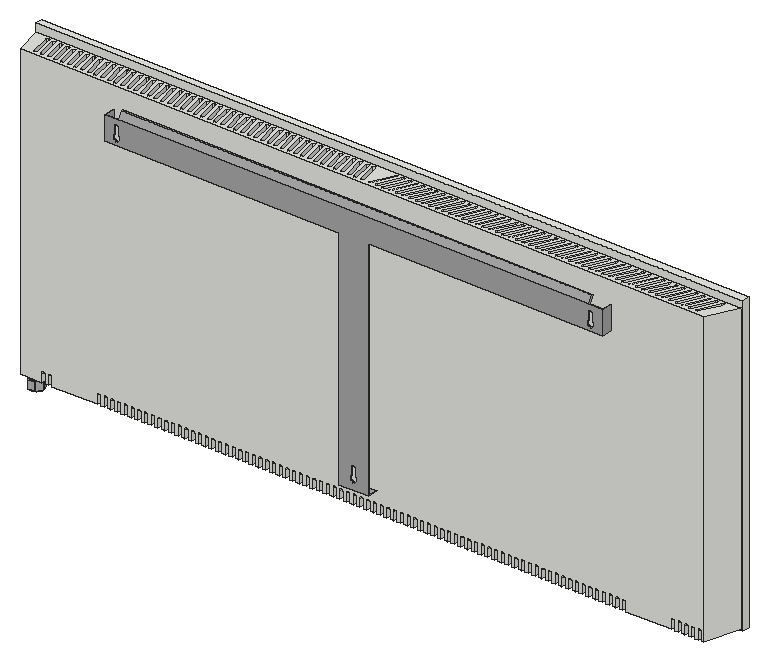
Revit family "Modern Plus", category Mechanical Equipment, host Wall, Revit 2020
Family settings
  Host = Wall
  Round Connector Dimension = Use Diameter
  Part Type = Normal
  OmniClass Number = 23.75.00.00
  OmniClass Title = Climate Control (HVAC)
  Always vertical = Yes
  Cut with Voids When Loaded = No
  Shared = No
  Room Calculation Point = No
Parameters (values of type "2000 W")
  boven 1500 = yes
  Watt = 2000 VA
  Voltage = 230 V
  URL = "https://masterwatt.nl/"
  Onder 1500 = no
  Model = "MDN 2000 PLUS"
  Manufacturer = "Masterwatt B.V."
  Default Elevation = 0 mm
  Copyright = "Masterwatt B.V."  # constant formula
  Art. No. = "429 754 216"
Reference planes
  plane 1 "Wall": y = 0
  plane 2 "Center (Left/Right)": x = 0
  plane 3 "Back": y = 75
Text (mm)
  text "Placement side" at (-1820.995, 1116.779, 0), in view "Ref. Level"
  text "Placement side" at (0, 1334.055, 2976.191), in view "Left"
  text "Placement side" at (0, 439.194, 2944.362), in view "Right"
Dimensions and locks
  locked: plane 3 "Back" to host wall
  aligned and locked: plane 1 "Wall" to host wall
  aligned and locked: plane 3 "Back" to nested 1
  aligned and locked: plane 3 "Back" to nested 2
Nested families
  nested 1: "MDN 750 PLUS" at (0, 125.5, 0) x (-1, 0, 0) z (0, 0, 1), visible <- "Onder 1500", type "MDN 750 PLUS"
  nested 2: "MDN 1500 PLUS" at (0, 125.5, 0) x (-1, 0, 0) z (0, 0, 1), visible <- "boven 1500", type "MDN 1500 PLUS"
Connectors
  electrical at (-345, 105, -14), driven by "Voltage", driven by "Watt"
    settings: on nested 1, index 1, voltage 230 V, apparent load 2000 VA, apparent load phase1 0 VA, apparent load phase2 0 VA, apparent load phase3 0 VA, power factor 1, load classification "Other", number of poles 1, system type 30, power factor state 1, is connector primary yes, connector utility no, sub classification motor no, connector description ""
Definition of nested family "MDN 750 PLUS"
  Parameters (values of type "MDN 750 PLUS")
    Zwart = none
    Voltage = 230 V
    URL = "https://masterwatt.nl/"
    Power (default) = 750 VA
    Phase = 1
    Model = "MDN 750 PLUS"
    Manufacturer = "Masterwatt B.V."
    Default Elevation = 0 mm
    Copyright = "Masterwatt B.V."  # constant formula
    Colour = none
    Scherm = none
    Beugel = none
    Licht grijs = none
    Diepte = 71 mm
    Hoogte = 440 mm
    Breedte = 750 mm
    Art. No. = "429 754 211"
  Reference planes
    plane 1 "Center (Front/Back)": y = 0
    plane 2: z = 0
    plane 3 "Center (Left/Right)": x = 0
    plane 4: x = 375
    plane 5: x = -375
    plane 6: z = 440
    plane 7: y = 35.5
    plane 8: y = -35.5
    plane 9: z = 402
    plane 10: z = 412
    plane 11: x = -222
    plane 12: x = 222
    plane 13: z = 32
    plane 14: x = -201
    plane 15: x = 201
    plane 16: z = 367
    plane 17: x = -22
    plane 18: x = 22
  Forms (mm)
    Extrusion 1, solid, material <- "Colour"
      sketch origin (0, 0, 0) x (1, 0, 0) y (0, 0, 1)
        loop
          line (-375, 440) -> (-375, 0) -> (375, 0) -> (375, 440) -> (-375, 440)
      from 15.5 to 35.5
    Sweep 2, void
      path in 3D
        loop
          line (-375, -35.5, 440) -> (-375, -35.5, 0) -> (375, -35.5, 0) -> (375, -35.5, 440) -> (-375, -35.5, 440)
      profile origin (0, -35.5, 440) x (0, -1, 0) y (0, 0, 1)
        loop
          line (0, 0) -> (-10, 0) -> (0, -10) -> (0, 0)
    Blend 3, void
      base sketch origin (0, 0, 0) x (1, 0, 0) y (0, 0, 1)
        loop
          line (314, 278) -> (314, 62) -> (315, 62) -> (315, 278) -> (314, 278)
      top sketch origin (0, 0, 0) x (1, 0, 0) y (0, 0, 1)
        loop
          arc (312, 280) -> (311.293, 279.707) -> (311, 279) r 1
          line (311, 279) -> (311, 61)
          arc (311, 61) -> (311.293, 60.293) -> (312, 60) r 1
          line (312, 60) -> (317, 60)
          arc (317, 60) -> (317.707, 60.293) -> (318, 61) r 1
          line (318, 61) -> (318, 279)
          arc (318, 279) -> (317.707, 279.707) -> (317, 280) r 1
          line (317, 280) -> (312, 280)
      from 34 to 36
    Blend 4, void
      base sketch origin (-629, 0, 0) x (1, 0, 0) y (0, 0, 1)
        loop
          line (314, 388) -> (314, 62) -> (315, 62) -> (315, 388) -> (314, 388)
      top sketch origin (-629, 0, 0) x (1, 0, 0) y (0, 0, 1)
        loop
          arc (312, 390) -> (311.293, 389.707) -> (311, 389) r 1
          line (311, 389) -> (311, 61)
          arc (311, 61) -> (311.293, 60.293) -> (312, 60) r 1
          line (312, 60) -> (317, 60)
          arc (317, 60) -> (317.707, 60.293) -> (318, 61) r 1
          line (318, 61) -> (318, 389)
          arc (318, 389) -> (317.707, 389.707) -> (317, 390) r 1
          line (317, 390) -> (312, 390)
      from 34 to 36
    Blend 5, void
      base sketch origin (-420, 0, 0) x (1, 0, 0) y (0, 0, 1)
        loop
          line (314, 388) -> (314, 62) -> (315, 62) -> (315, 388) -> (314, 388)
      top sketch origin (-420, 0, 0) x (1, 0, 0) y (0, 0, 1)
        loop
          arc (312, 390) -> (311.293, 389.707) -> (311, 389) r 1
          line (311, 389) -> (311, 61)
          arc (311, 61) -> (311.293, 60.293) -> (312, 60) r 1
          line (312, 60) -> (317, 60)
          arc (317, 60) -> (317.707, 60.293) -> (318, 61) r 1
          line (318, 61) -> (318, 389)
          arc (318, 389) -> (317.707, 389.707) -> (317, 390) r 1
          line (317, 390) -> (312, 390)
      from 34 to 36
    Blend 6, void
      base sketch origin (-209, 0, 0) x (1, 0, 0) y (0, 0, 1)
        loop
          line (314, 388) -> (314, 62) -> (315, 62) -> (315, 388) -> (314, 388)
      top sketch origin (-209, 0, 0) x (1, 0, 0) y (0, 0, 1)
        loop
          arc (312, 390) -> (311.293, 389.707) -> (311, 389) r 1
          line (311, 389) -> (311, 61)
          arc (311, 61) -> (311.293, 60.293) -> (312, 60) r 1
          line (312, 60) -> (317, 60)
          arc (317, 60) -> (317.707, 60.293) -> (318, 61) r 1
          line (318, 61) -> (318, 389)
          arc (318, 389) -> (317.707, 389.707) -> (317, 390) r 1
          line (317, 390) -> (312, 390)
      from 34 to 36
    Extrusion 7, void
      sketch origin (0, 0, 0) x (1, 0, 0) y (0, 0, 1)
        loop
          line (295, 376) -> (295, 336) -> (335, 336) -> (335, 376) -> (295, 376)
      from 31.5 to 35.5
    Extrusion 8, solid, material <- "Scherm"
      sketch origin (0, 0, 0) x (1, 0, 0) y (0, 0, 1)
        loop
          line (295, 376) -> (295, 336) -> (335, 336) -> (335, 376) -> (295, 376)
      from 31.5 to 35.5
    Extrusion 9, solid, material <- "Licht grijs"
      sketch origin (0, 0, 0) x (1, 0, 0) y (0, 0, 1)
        loop
          arc (297.5, 321.5) -> (295, 319) -> (297.5, 316.5) r 2.5
          line (297.5, 316.5) -> (311, 316.5)
          arc (311, 316.5) -> (313.5, 319) -> (311, 321.5) r 2.5
          line (311, 321.5) -> (297.5, 321.5)
        loop
          arc (319, 321.5) -> (316.5, 319) -> (319, 316.5) r 2.5
          line (319, 316.5) -> (332.5, 316.5)
          arc (332.5, 316.5) -> (335, 319) -> (332.5, 321.5) r 2.5
          line (332.5, 321.5) -> (319, 321.5)
        loop
          arc (297.5, 330) -> (295, 327.5) -> (297.5, 325) r 2.5
          line (297.5, 325) -> (300.3, 325)
          arc (300.3, 325) -> (302.8, 327.5) -> (300.3, 330) r 2.5
          line (300.3, 330) -> (297.5, 330)
        loop
          arc (319, 330) -> (316.5, 327.5) -> (319, 325) r 2.5
          line (319, 325) -> (321.8, 325)
          arc (321.8, 325) -> (324.3, 327.5) -> (321.8, 330) r 2.5
          line (321.8, 330) -> (319, 330)
        loop
          arc (329.7, 330) -> (327.2, 327.5) -> (329.7, 325) r 2.5
          line (329.7, 325) -> (332.5, 325)
          arc (332.5, 325) -> (335, 327.5) -> (332.5, 330) r 2.5
          line (332.5, 330) -> (329.7, 330)
        loop
          arc (308.2, 330) -> (305.7, 327.5) -> (308.2, 325) r 2.5
          line (308.2, 325) -> (311, 325)
          arc (311, 325) -> (313.5, 327.5) -> (311, 330) r 2.5
          line (311, 330) -> (308.2, 330)
      from 35.5 to 39.5
    Extrusion 10, solid
      sketch origin (0, 0, 0) x (0, 1, 0) y (0, 0, 1)
        loop
          line (-25.5, 2) -> (35.5, 2) -> (35.5, 434) -> (-25.5, 428.02) -> (-25.5, 2)
      from -373 to 373
    Extrusion 11, void
      sketch origin (0, 0, 0) x (1, 0, 0) y (0, 1, 0)
        loop
          line (373, -15.5) -> (373, 35.5) -> (357.408, 35.5) -> (373, -15.5)
      from 2 to 440
    Extrusion 12, void
      sketch origin (0, 0, 0) x (-1, 0, 0) y (0, -1, 0)
        loop
          line (373, 15.5) -> (357.408, -35.5) -> (373, -35.5) -> (373, 15.5)
      from 2 to 440
    Extrusion 13, void
      sketch origin (0, 0, 0) x (1, 0, 0) y (0, 1, 0)
        loop
          arc (350.43, -7.84) -> (353.551, -9.5) -> (355.211, -6.378) r 2.5
          line (355.211, -6.378) -> (344.978, 27.092)
          arc (344.978, 27.092) -> (341.857, 28.752) -> (340.197, 25.63) r 2.5
          line (340.197, 25.63) -> (350.43, -7.84)
        loop
          arc (340.53, -7.84) -> (343.651, -9.5) -> (345.311, -6.378) r 2.5
          line (345.311, -6.378) -> (335.078, 27.092)
          arc (335.078, 27.092) -> (331.957, 28.752) -> (330.297, 25.63) r 2.5
          line (330.297, 25.63) -> (340.53, -7.84)
        loop
          arc (330.63, -7.84) -> (333.751, -9.5) -> (335.411, -6.378) r 2.5
          line (335.411, -6.378) -> (325.178, 27.092)
          arc (325.178, 27.092) -> (322.057, 28.752) -> (320.397, 25.63) r 2.5
          line (320.397, 25.63) -> (330.63, -7.84)
        loop
          arc (320.73, -7.84) -> (323.851, -9.5) -> (325.511, -6.378) r 2.5
          line (325.511, -6.378) -> (315.278, 27.092)
          arc (315.278, 27.092) -> (312.157, 28.752) -> (310.497, 25.63) r 2.5
          line (310.497, 25.63) -> (320.73, -7.84)
        loop
          arc (310.83, -7.84) -> (313.951, -9.5) -> (315.611, -6.378) r 2.5
          line (315.611, -6.378) -> (305.378, 27.092)
          arc (305.378, 27.092) -> (302.257, 28.752) -> (300.597, 25.63) r 2.5
          line (300.597, 25.63) -> (310.83, -7.84)
        loop
          arc (300.93, -7.84) -> (304.051, -9.5) -> (305.711, -6.378) r 2.5
          line (305.711, -6.378) -> (295.478, 27.092)
          arc (295.478, 27.092) -> (292.357, 28.752) -> (290.697, 25.63) r 2.5
          line (290.697, 25.63) -> (300.93, -7.84)
        loop
          arc (291.03, -7.84) -> (294.151, -9.5) -> (295.811, -6.378) r 2.5
          line (295.811, -6.378) -> (285.578, 27.092)
          arc (285.578, 27.092) -> (282.457, 28.752) -> (280.797, 25.63) r 2.5
          line (280.797, 25.63) -> (291.03, -7.84)
        loop
          arc (281.13, -7.84) -> (284.251, -9.5) -> (285.911, -6.378) r 2.5
          line (285.911, -6.378) -> (275.678, 27.092)
          arc (275.678, 27.092) -> (272.557, 28.752) -> (270.897, 25.63) r 2.5
          line (270.897, 25.63) -> (281.13, -7.84)
        loop
          arc (271.23, -7.84) -> (274.351, -9.5) -> (276.011, -6.378) r 2.5
          line (276.011, -6.378) -> (265.778, 27.092)
          arc (265.778, 27.092) -> (262.657, 28.752) -> (260.997, 25.63) r 2.5
          line (260.997, 25.63) -> (271.23, -7.84)
        loop
          arc (261.33, -7.84) -> (264.451, -9.5) -> (266.111, -6.378) r 2.5
          line (266.111, -6.378) -> (255.878, 27.092)
          arc (255.878, 27.092) -> (252.757, 28.752) -> (251.097, 25.63) r 2.5
          line (251.097, 25.63) -> (261.33, -7.84)
        loop
          arc (251.43, -7.84) -> (254.551, -9.5) -> (256.211, -6.378) r 2.5
          line (256.211, -6.378) -> (245.978, 27.092)
          arc (245.978, 27.092) -> (242.857, 28.752) -> (241.197, 25.63) r 2.5
          line (241.197, 25.63) -> (251.43, -7.84)
        loop
          arc (241.53, -7.84) -> (244.651, -9.5) -> (246.311, -6.378) r 2.5
          line (246.311, -6.378) -> (236.078, 27.092)
          arc (236.078, 27.092) -> (232.957, 28.752) -> (231.297, 25.63) r 2.5
          line (231.297, 25.63) -> (241.53, -7.84)
        loop
          arc (231.63, -7.84) -> (234.751, -9.5) -> (236.411, -6.378) r 2.5
          line (236.411, -6.378) -> (226.178, 27.092)
          arc (226.178, 27.092) -> (223.057, 28.752) -> (221.397, 25.63) r 2.5
          line (221.397, 25.63) -> (231.63, -7.84)
        loop
          arc (221.73, -7.84) -> (224.851, -9.5) -> (226.511, -6.378) r 2.5
          line (226.511, -6.378) -> (216.278, 27.092)
          arc (216.278, 27.092) -> (213.157, 28.752) -> (211.497, 25.63) r 2.5
          line (211.497, 25.63) -> (221.73, -7.84)
        loop
          arc (211.83, -7.84) -> (214.951, -9.5) -> (216.611, -6.378) r 2.5
          line (216.611, -6.378) -> (206.378, 27.092)
          arc (206.378, 27.092) -> (203.257, 28.752) -> (201.597, 25.63) r 2.5
          line (201.597, 25.63) -> (211.83, -7.84)
        loop
          arc (201.93, -7.84) -> (205.051, -9.5) -> (206.711, -6.378) r 2.5
          line (206.711, -6.378) -> (196.478, 27.092)
          arc (196.478, 27.092) -> (193.357, 28.752) -> (191.697, 25.63) r 2.5
          line (191.697, 25.63) -> (201.93, -7.84)
        loop
          arc (192.03, -7.84) -> (195.151, -9.5) -> (196.811, -6.378) r 2.5
          line (196.811, -6.378) -> (186.578, 27.092)
          arc (186.578, 27.092) -> (183.457, 28.752) -> (181.797, 25.63) r 2.5
          line (181.797, 25.63) -> (192.03, -7.84)
        loop
          arc (182.13, -7.84) -> (185.251, -9.5) -> (186.911, -6.378) r 2.5
          line (186.911, -6.378) -> (176.678, 27.092)
          arc (176.678, 27.092) -> (173.557, 28.752) -> (171.897, 25.63) r 2.5
          line (171.897, 25.63) -> (182.13, -7.84)
        loop
          arc (172.23, -7.84) -> (175.351, -9.5) -> (177.011, -6.378) r 2.5
          line (177.011, -6.378) -> (166.778, 27.092)
          arc (166.778, 27.092) -> (163.657, 28.752) -> (161.997, 25.63) r 2.5
          line (161.997, 25.63) -> (172.23, -7.84)
        loop
          arc (162.33, -7.84) -> (165.451, -9.5) -> (167.111, -6.378) r 2.5
          line (167.111, -6.378) -> (156.878, 27.092)
          arc (156.878, 27.092) -> (153.757, 28.752) -> (152.097, 25.63) r 2.5
          line (152.097, 25.63) -> (162.33, -7.84)
        loop
          arc (152.43, -7.84) -> (155.551, -9.5) -> (157.211, -6.378) r 2.5
          line (157.211, -6.378) -> (146.978, 27.092)
          arc (146.978, 27.092) -> (143.857, 28.752) -> (142.197, 25.63) r 2.5
          line (142.197, 25.63) -> (152.43, -7.84)
        loop
          arc (142.53, -7.84) -> (145.651, -9.5) -> (147.311, -6.378) r 2.5
          line (147.311, -6.378) -> (137.078, 27.092)
          arc (137.078, 27.092) -> (133.957, 28.752) -> (132.297, 25.63) r 2.5
          line (132.297, 25.63) -> (142.53, -7.84)
        loop
          arc (132.63, -7.84) -> (135.751, -9.5) -> (137.411, -6.378) r 2.5
          line (137.411, -6.378) -> (127.178, 27.092)
          arc (127.178, 27.092) -> (124.057, 28.752) -> (122.397, 25.63) r 2.5
          line (122.397, 25.63) -> (132.63, -7.84)
        loop
          arc (122.73, -7.84) -> (125.851, -9.5) -> (127.511, -6.378) r 2.5
          line (127.511, -6.378) -> (117.278, 27.092)
          arc (117.278, 27.092) -> (114.157, 28.752) -> (112.497, 25.63) r 2.5
          line (112.497, 25.63) -> (122.73, -7.84)
        loop
          arc (112.83, -7.84) -> (115.951, -9.5) -> (117.611, -6.378) r 2.5
          line (117.611, -6.378) -> (107.378, 27.092)
          arc (107.378, 27.092) -> (104.257, 28.752) -> (102.597, 25.63) r 2.5
          line (102.597, 25.63) -> (112.83, -7.84)
        loop
          arc (102.93, -7.84) -> (106.051, -9.5) -> (107.711, -6.378) r 2.5
          line (107.711, -6.378) -> (97.478, 27.092)
          arc (97.478, 27.092) -> (94.357, 28.752) -> (92.697, 25.63) r 2.5
          line (92.697, 25.63) -> (102.93, -7.84)
        loop
          arc (93.03, -7.84) -> (96.151, -9.5) -> (97.811, -6.378) r 2.5
          line (97.811, -6.378) -> (87.578, 27.092)
          arc (87.578, 27.092) -> (84.457, 28.752) -> (82.797, 25.63) r 2.5
          line (82.797, 25.63) -> (93.03, -7.84)
        loop
          arc (83.13, -7.84) -> (86.251, -9.5) -> (87.911, -6.378) r 2.5
          line (87.911, -6.378) -> (77.678, 27.092)
          arc (77.678, 27.092) -> (74.557, 28.752) -> (72.897, 25.63) r 2.5
          line (72.897, 25.63) -> (83.13, -7.84)
        loop
          arc (73.23, -7.84) -> (76.351, -9.5) -> (78.011, -6.378) r 2.5
          line (78.011, -6.378) -> (67.778, 27.092)
          arc (67.778, 27.092) -> (64.657, 28.752) -> (62.997, 25.63) r 2.5
          line (62.997, 25.63) -> (73.23, -7.84)
        loop
          arc (63.33, -7.84) -> (66.451, -9.5) -> (68.111, -6.378) r 2.5
          line (68.111, -6.378) -> (57.878, 27.092)
          arc (57.878, 27.092) -> (54.757, 28.752) -> (53.097, 25.63) r 2.5
          line (53.097, 25.63) -> (63.33, -7.84)
        loop
          arc (53.43, -7.84) -> (56.551, -9.5) -> (58.211, -6.378) r 2.5
          line (58.211, -6.378) -> (47.978, 27.092)
          arc (47.978, 27.092) -> (44.857, 28.752) -> (43.197, 25.63) r 2.5
          line (43.197, 25.63) -> (53.43, -7.84)
        loop
          arc (43.53, -7.84) -> (46.651, -9.5) -> (48.311, -6.378) r 2.5
          line (48.311, -6.378) -> (38.078, 27.092)
          arc (38.078, 27.092) -> (34.957, 28.752) -> (33.297, 25.63) r 2.5
          line (33.297, 25.63) -> (43.53, -7.84)
        loop
          arc (33.63, -7.84) -> (36.751, -9.5) -> (38.411, -6.378) r 2.5
          line (38.411, -6.378) -> (28.178, 27.092)
          arc (28.178, 27.092) -> (25.057, 28.752) -> (23.397, 25.63) r 2.5
          line (23.397, 25.63) -> (33.63, -7.84)
        loop
          arc (23.73, -7.84) -> (26.851, -9.5) -> (28.511, -6.378) r 2.5
          line (28.511, -6.378) -> (18.278, 27.092)
          arc (18.278, 27.092) -> (15.157, 28.752) -> (13.497, 25.63) r 2.5
          line (13.497, 25.63) -> (23.73, -7.84)
        loop
          arc (13.83, -7.84) -> (16.951, -9.5) -> (18.611, -6.378) r 2.5
          line (18.611, -6.378) -> (8.378, 27.092)
          arc (8.378, 27.092) -> (5.257, 28.752) -> (3.597, 25.63) r 2.5
          line (3.597, 25.63) -> (13.83, -7.84)
        loop
          line (-350.43, -7.84) -> (-340.197, 25.63)
          arc (-340.197, 25.63) -> (-341.857, 28.752) -> (-344.978, 27.092) r 2.5
          line (-344.978, 27.092) -> (-355.211, -6.378)
          arc (-355.211, -6.378) -> (-353.551, -9.5) -> (-350.43, -7.84) r 2.5
        loop
          line (-340.53, -7.84) -> (-330.297, 25.63)
          arc (-330.297, 25.63) -> (-331.957, 28.752) -> (-335.078, 27.092) r 2.5
          line (-335.078, 27.092) -> (-345.311, -6.378)
          arc (-345.311, -6.378) -> (-343.651, -9.5) -> (-340.53, -7.84) r 2.5
        loop
          line (-330.63, -7.84) -> (-320.397, 25.63)
          arc (-320.397, 25.63) -> (-322.057, 28.752) -> (-325.178, 27.092) r 2.5
          line (-325.178, 27.092) -> (-335.411, -6.378)
          arc (-335.411, -6.378) -> (-333.751, -9.5) -> (-330.63, -7.84) r 2.5
        loop
          line (-320.73, -7.84) -> (-310.497, 25.63)
          arc (-310.497, 25.63) -> (-312.157, 28.752) -> (-315.278, 27.092) r 2.5
          line (-315.278, 27.092) -> (-325.511, -6.378)
          arc (-325.511, -6.378) -> (-323.851, -9.5) -> (-320.73, -7.84) r 2.5
        loop
          line (-310.83, -7.84) -> (-300.597, 25.63)
          arc (-300.597, 25.63) -> (-302.257, 28.752) -> (-305.378, 27.092) r 2.5
          line (-305.378, 27.092) -> (-315.611, -6.378)
          arc (-315.611, -6.378) -> (-313.951, -9.5) -> (-310.83, -7.84) r 2.5
        loop
          line (-300.93, -7.84) -> (-290.697, 25.63)
          arc (-290.697, 25.63) -> (-292.357, 28.752) -> (-295.478, 27.092) r 2.5
          line (-295.478, 27.092) -> (-305.711, -6.378)
          arc (-305.711, -6.378) -> (-304.051, -9.5) -> (-300.93, -7.84) r 2.5
        loop
          line (-291.03, -7.84) -> (-280.797, 25.63)
          arc (-280.797, 25.63) -> (-282.457, 28.752) -> (-285.578, 27.092) r 2.5
          line (-285.578, 27.092) -> (-295.811, -6.378)
          arc (-295.811, -6.378) -> (-294.151, -9.5) -> (-291.03, -7.84) r 2.5
        loop
          line (-281.13, -7.84) -> (-270.897, 25.63)
          arc (-270.897, 25.63) -> (-272.557, 28.752) -> (-275.678, 27.092) r 2.5
          line (-275.678, 27.092) -> (-285.911, -6.378)
          arc (-285.911, -6.378) -> (-284.251, -9.5) -> (-281.13, -7.84) r 2.5
        loop
          line (-271.23, -7.84) -> (-260.997, 25.63)
          arc (-260.997, 25.63) -> (-262.657, 28.752) -> (-265.778, 27.092) r 2.5
          line (-265.778, 27.092) -> (-276.011, -6.378)
          arc (-276.011, -6.378) -> (-274.351, -9.5) -> (-271.23, -7.84) r 2.5
        loop
          line (-261.33, -7.84) -> (-251.097, 25.63)
          arc (-251.097, 25.63) -> (-252.757, 28.752) -> (-255.878, 27.092) r 2.5
          line (-255.878, 27.092) -> (-266.111, -6.378)
          arc (-266.111, -6.378) -> (-264.451, -9.5) -> (-261.33, -7.84) r 2.5
        loop
          line (-251.43, -7.84) -> (-241.197, 25.63)
          arc (-241.197, 25.63) -> (-242.857, 28.752) -> (-245.978, 27.092) r 2.5
          line (-245.978, 27.092) -> (-256.211, -6.378)
          arc (-256.211, -6.378) -> (-254.551, -9.5) -> (-251.43, -7.84) r 2.5
        loop
          line (-241.53, -7.84) -> (-231.297, 25.63)
          arc (-231.297, 25.63) -> (-232.957, 28.752) -> (-236.078, 27.092) r 2.5
          line (-236.078, 27.092) -> (-246.311, -6.378)
          arc (-246.311, -6.378) -> (-244.651, -9.5) -> (-241.53, -7.84) r 2.5
        loop
          line (-231.63, -7.84) -> (-221.397, 25.63)
          arc (-221.397, 25.63) -> (-223.057, 28.752) -> (-226.178, 27.092) r 2.5
          line (-226.178, 27.092) -> (-236.411, -6.378)
          arc (-236.411, -6.378) -> (-234.751, -9.5) -> (-231.63, -7.84) r 2.5
        loop
          line (-221.73, -7.84) -> (-211.497, 25.63)
          arc (-211.497, 25.63) -> (-213.157, 28.752) -> (-216.278, 27.092) r 2.5
          line (-216.278, 27.092) -> (-226.511, -6.378)
          arc (-226.511, -6.378) -> (-224.851, -9.5) -> (-221.73, -7.84) r 2.5
        loop
          line (-211.83, -7.84) -> (-201.597, 25.63)
          arc (-201.597, 25.63) -> (-203.257, 28.752) -> (-206.378, 27.092) r 2.5
          line (-206.378, 27.092) -> (-216.611, -6.378)
          arc (-216.611, -6.378) -> (-214.951, -9.5) -> (-211.83, -7.84) r 2.5
        loop
          line (-201.93, -7.84) -> (-191.697, 25.63)
          arc (-191.697, 25.63) -> (-193.357, 28.752) -> (-196.478, 27.092) r 2.5
          line (-196.478, 27.092) -> (-206.711, -6.378)
          arc (-206.711, -6.378) -> (-205.051, -9.5) -> (-201.93, -7.84) r 2.5
        loop
          line (-192.03, -7.84) -> (-181.797, 25.63)
          arc (-181.797, 25.63) -> (-183.457, 28.752) -> (-186.578, 27.092) r 2.5
          line (-186.578, 27.092) -> (-196.811, -6.378)
          arc (-196.811, -6.378) -> (-195.151, -9.5) -> (-192.03, -7.84) r 2.5
        loop
          line (-182.13, -7.84) -> (-171.897, 25.63)
          arc (-171.897, 25.63) -> (-173.557, 28.752) -> (-176.678, 27.092) r 2.5
          line (-176.678, 27.092) -> (-186.911, -6.378)
          arc (-186.911, -6.378) -> (-185.251, -9.5) -> (-182.13, -7.84) r 2.5
        loop
          line (-172.23, -7.84) -> (-161.997, 25.63)
          arc (-161.997, 25.63) -> (-163.657, 28.752) -> (-166.778, 27.092) r 2.5
          line (-166.778, 27.092) -> (-177.011, -6.378)
          arc (-177.011, -6.378) -> (-175.351, -9.5) -> (-172.23, -7.84) r 2.5
        loop
          line (-162.33, -7.84) -> (-152.097, 25.63)
          arc (-152.097, 25.63) -> (-153.757, 28.752) -> (-156.878, 27.092) r 2.5
          line (-156.878, 27.092) -> (-167.111, -6.378)
          arc (-167.111, -6.378) -> (-165.451, -9.5) -> (-162.33, -7.84) r 2.5
        loop
          line (-152.43, -7.84) -> (-142.197, 25.63)
          arc (-142.197, 25.63) -> (-143.857, 28.752) -> (-146.978, 27.092) r 2.5
          line (-146.978, 27.092) -> (-157.211, -6.378)
          arc (-157.211, -6.378) -> (-155.551, -9.5) -> (-152.43, -7.84) r 2.5
        loop
          line (-142.53, -7.84) -> (-132.297, 25.63)
          arc (-132.297, 25.63) -> (-133.957, 28.752) -> (-137.078, 27.092) r 2.5
          line (-137.078, 27.092) -> (-147.311, -6.378)
          arc (-147.311, -6.378) -> (-145.651, -9.5) -> (-142.53, -7.84) r 2.5
        loop
          line (-132.63, -7.84) -> (-122.397, 25.63)
          arc (-122.397, 25.63) -> (-124.057, 28.752) -> (-127.178, 27.092) r 2.5
          line (-127.178, 27.092) -> (-137.411, -6.378)
          arc (-137.411, -6.378) -> (-135.751, -9.5) -> (-132.63, -7.84) r 2.5
        loop
          line (-122.73, -7.84) -> (-112.497, 25.63)
          arc (-112.497, 25.63) -> (-114.157, 28.752) -> (-117.278, 27.092) r 2.5
          line (-117.278, 27.092) -> (-127.511, -6.378)
          arc (-127.511, -6.378) -> (-125.851, -9.5) -> (-122.73, -7.84) r 2.5
        loop
          line (-112.83, -7.84) -> (-102.597, 25.63)
          arc (-102.597, 25.63) -> (-104.257, 28.752) -> (-107.378, 27.092) r 2.5
          line (-107.378, 27.092) -> (-117.611, -6.378)
          arc (-117.611, -6.378) -> (-115.951, -9.5) -> (-112.83, -7.84) r 2.5
        loop
          line (-102.93, -7.84) -> (-92.697, 25.63)
          arc (-92.697, 25.63) -> (-94.357, 28.752) -> (-97.478, 27.092) r 2.5
          line (-97.478, 27.092) -> (-107.711, -6.378)
          arc (-107.711, -6.378) -> (-106.051, -9.5) -> (-102.93, -7.84) r 2.5
        loop
          line (-93.03, -7.84) -> (-82.797, 25.63)
          arc (-82.797, 25.63) -> (-84.457, 28.752) -> (-87.578, 27.092) r 2.5
          line (-87.578, 27.092) -> (-97.811, -6.378)
          arc (-97.811, -6.378) -> (-96.151, -9.5) -> (-93.03, -7.84) r 2.5
        loop
          line (-83.13, -7.84) -> (-72.897, 25.63)
          arc (-72.897, 25.63) -> (-74.557, 28.752) -> (-77.678, 27.092) r 2.5
          line (-77.678, 27.092) -> (-87.911, -6.378)
          arc (-87.911, -6.378) -> (-86.251, -9.5) -> (-83.13, -7.84) r 2.5
        loop
          line (-73.23, -7.84) -> (-62.997, 25.63)
          arc (-62.997, 25.63) -> (-64.657, 28.752) -> (-67.778, 27.092) r 2.5
          line (-67.778, 27.092) -> (-78.011, -6.378)
          arc (-78.011, -6.378) -> (-76.351, -9.5) -> (-73.23, -7.84) r 2.5
        loop
          line (-63.33, -7.84) -> (-53.097, 25.63)
          arc (-53.097, 25.63) -> (-54.757, 28.752) -> (-57.878, 27.092) r 2.5
          line (-57.878, 27.092) -> (-68.111, -6.378)
          arc (-68.111, -6.378) -> (-66.451, -9.5) -> (-63.33, -7.84) r 2.5
        loop
          line (-53.43, -7.84) -> (-43.197, 25.63)
          arc (-43.197, 25.63) -> (-44.857, 28.752) -> (-47.978, 27.092) r 2.5
          line (-47.978, 27.092) -> (-58.211, -6.378)
          arc (-58.211, -6.378) -> (-56.551, -9.5) -> (-53.43, -7.84) r 2.5
        loop
          line (-43.53, -7.84) -> (-33.297, 25.63)
          arc (-33.297, 25.63) -> (-34.957, 28.752) -> (-38.078, 27.092) r 2.5
          line (-38.078, 27.092) -> (-48.311, -6.378)
          arc (-48.311, -6.378) -> (-46.651, -9.5) -> (-43.53, -7.84) r 2.5
        loop
          line (-33.63, -7.84) -> (-23.397, 25.63)
          arc (-23.397, 25.63) -> (-25.057, 28.752) -> (-28.178, 27.092) r 2.5
          line (-28.178, 27.092) -> (-38.411, -6.378)
          arc (-38.411, -6.378) -> (-36.751, -9.5) -> (-33.63, -7.84) r 2.5
        loop
          line (-23.73, -7.84) -> (-13.497, 25.63)
          arc (-13.497, 25.63) -> (-15.157, 28.752) -> (-18.278, 27.092) r 2.5
          line (-18.278, 27.092) -> (-28.511, -6.378)
          arc (-28.511, -6.378) -> (-26.851, -9.5) -> (-23.73, -7.84) r 2.5
        loop
          line (-13.83, -7.84) -> (-3.597, 25.63)
          arc (-3.597, 25.63) -> (-5.257, 28.752) -> (-8.378, 27.092) r 2.5
          line (-8.378, 27.092) -> (-18.611, -6.378)
          arc (-18.611, -6.378) -> (-16.951, -9.5) -> (-13.83, -7.84) r 2.5
      from 420 to 440
    Extrusion 14, void
      sketch origin (0, 0, 0) x (1, 0, 0) y (0, 1, 0)
        loop
          line (297, -25.5) -> (297, -15.5) -> (253, -15.5) -> (253, -25.5) -> (297, -25.5)
      from 0 to 3
    Extrusion 15, void
      sketch origin (0, 0, 0) x (-1, 0, 0) y (0, -1, 0)
        loop
          line (297, 25.5) -> (253, 25.5) -> (253, 15.5) -> (297, 15.5) -> (297, 25.5)
      from 0 to 3
    Extrusion 16, void
      sketch origin (0, 200, 0) x (1, 0, 0) y (0, 1, 0)
        loop
          line (-330, -184) -> (-330, -209)
          arc (-330, -209) -> (-327.5, -211.5) -> (-325, -209) r 2.5
          line (-325, -209) -> (-325, -184)
          arc (-325, -184) -> (-327.5, -181.5) -> (-330, -184) r 2.5
        loop
          line (-320, -184) -> (-320, -209)
          arc (-320, -209) -> (-317.5, -211.5) -> (-315, -209) r 2.5
          line (-315, -209) -> (-315, -184)
          arc (-315, -184) -> (-317.5, -181.5) -> (-320, -184) r 2.5
        loop
          line (-310, -184) -> (-310, -209)
          arc (-310, -209) -> (-307.5, -211.5) -> (-305, -209) r 2.5
          line (-305, -209) -> (-305, -184)
          arc (-305, -184) -> (-307.5, -181.5) -> (-310, -184) r 2.5
        loop
          line (2.5, -184) -> (2.5, -209)
          arc (2.5, -209) -> (5, -211.5) -> (7.5, -209) r 2.5
          line (7.5, -209) -> (7.5, -184)
          arc (7.5, -184) -> (5, -181.5) -> (2.5, -184) r 2.5
        loop
          line (-7.5, -184) -> (-7.5, -209)
          arc (-7.5, -209) -> (-5, -211.5) -> (-2.5, -209) r 2.5
          line (-2.5, -209) -> (-2.5, -184)
          arc (-2.5, -184) -> (-5, -181.5) -> (-7.5, -184) r 2.5
        loop
          line (-17.5, -184) -> (-17.5, -209)
          arc (-17.5, -209) -> (-15, -211.5) -> (-12.5, -209) r 2.5
          line (-12.5, -209) -> (-12.5, -184)
          arc (-12.5, -184) -> (-15, -181.5) -> (-17.5, -184) r 2.5
        loop
          line (-27.5, -184) -> (-27.5, -209)
          arc (-27.5, -209) -> (-25, -211.5) -> (-22.5, -209) r 2.5
          line (-22.5, -209) -> (-22.5, -184)
          arc (-22.5, -184) -> (-25, -181.5) -> (-27.5, -184) r 2.5
        loop
          line (-37.5, -184) -> (-37.5, -209)
          arc (-37.5, -209) -> (-35, -211.5) -> (-32.5, -209) r 2.5
          line (-32.5, -209) -> (-32.5, -184)
          arc (-32.5, -184) -> (-35, -181.5) -> (-37.5, -184) r 2.5
        loop
          line (-47.5, -184) -> (-47.5, -209)
          arc (-47.5, -209) -> (-45, -211.5) -> (-42.5, -209) r 2.5
          line (-42.5, -209) -> (-42.5, -184)
          arc (-42.5, -184) -> (-45, -181.5) -> (-47.5, -184) r 2.5
        loop
          line (-57.5, -184) -> (-57.5, -209)
          arc (-57.5, -209) -> (-55, -211.5) -> (-52.5, -209) r 2.5
          line (-52.5, -209) -> (-52.5, -184)
          arc (-52.5, -184) -> (-55, -181.5) -> (-57.5, -184) r 2.5
        loop
          line (-67.5, -184) -> (-67.5, -209)
          arc (-67.5, -209) -> (-65, -211.5) -> (-62.5, -209) r 2.5
          line (-62.5, -209) -> (-62.5, -184)
          arc (-62.5, -184) -> (-65, -181.5) -> (-67.5, -184) r 2.5
        loop
          line (42.5, -184) -> (42.5, -209)
          arc (42.5, -209) -> (45, -211.5) -> (47.5, -209) r 2.5
          line (47.5, -209) -> (47.5, -184)
          arc (47.5, -184) -> (45, -181.5) -> (42.5, -184) r 2.5
        loop
          line (32.5, -184) -> (32.5, -209)
          arc (32.5, -209) -> (35, -211.5) -> (37.5, -209) r 2.5
          line (37.5, -209) -> (37.5, -184)
          arc (37.5, -184) -> (35, -181.5) -> (32.5, -184) r 2.5
        loop
          line (22.5, -184) -> (22.5, -209)
          arc (22.5, -209) -> (25, -211.5) -> (27.5, -209) r 2.5
          line (27.5, -209) -> (27.5, -184)
          arc (27.5, -184) -> (25, -181.5) -> (22.5, -184) r 2.5
        loop
          line (12.5, -184) -> (12.5, -209)
          arc (12.5, -209) -> (15, -211.5) -> (17.5, -209) r 2.5
          line (17.5, -209) -> (17.5, -184)
          arc (17.5, -184) -> (15, -181.5) -> (12.5, -184) r 2.5
        loop
          line (62.5, -184) -> (62.5, -209)
          arc (62.5, -209) -> (65, -211.5) -> (67.5, -209) r 2.5
          line (67.5, -209) -> (67.5, -184)
          arc (67.5, -184) -> (65, -181.5) -> (62.5, -184) r 2.5
        loop
          line (52.5, -184) -> (52.5, -209)
          arc (52.5, -209) -> (55, -211.5) -> (57.5, -209) r 2.5
          line (57.5, -209) -> (57.5, -184)
          arc (57.5, -184) -> (55, -181.5) -> (52.5, -184) r 2.5
        loop
          line (-97.5, -184) -> (-97.5, -209)
          arc (-97.5, -209) -> (-95, -211.5) -> (-92.5, -209) r 2.5
          line (-92.5, -209) -> (-92.5, -184)
          arc (-92.5, -184) -> (-95, -181.5) -> (-97.5, -184) r 2.5
        loop
          line (-107.5, -184) -> (-107.5, -209)
          arc (-107.5, -209) -> (-105, -211.5) -> (-102.5, -209) r 2.5
          line (-102.5, -209) -> (-102.5, -184)
          arc (-102.5, -184) -> (-105, -181.5) -> (-107.5, -184) r 2.5
        loop
          line (-117.5, -184) -> (-117.5, -209)
          arc (-117.5, -209) -> (-115, -211.5) -> (-112.5, -209) r 2.5
          line (-112.5, -209) -> (-112.5, -184)
          arc (-112.5, -184) -> (-115, -181.5) -> (-117.5, -184) r 2.5
        loop
          line (-127.5, -184) -> (-127.5, -209)
          arc (-127.5, -209) -> (-125, -211.5) -> (-122.5, -209) r 2.5
          line (-122.5, -209) -> (-122.5, -184)
          arc (-122.5, -184) -> (-125, -181.5) -> (-127.5, -184) r 2.5
        loop
          line (-137.5, -184) -> (-137.5, -209)
          arc (-137.5, -209) -> (-135, -211.5) -> (-132.5, -209) r 2.5
          line (-132.5, -209) -> (-132.5, -184)
          arc (-132.5, -184) -> (-135, -181.5) -> (-137.5, -184) r 2.5
        loop
          line (-147.5, -184) -> (-147.5, -209)
          arc (-147.5, -209) -> (-145, -211.5) -> (-142.5, -209) r 2.5
          line (-142.5, -209) -> (-142.5, -184)
          arc (-142.5, -184) -> (-145, -181.5) -> (-147.5, -184) r 2.5
        loop
          line (-157.5, -184) -> (-157.5, -209)
          arc (-157.5, -209) -> (-155, -211.5) -> (-152.5, -209) r 2.5
          line (-152.5, -209) -> (-152.5, -184)
          arc (-152.5, -184) -> (-155, -181.5) -> (-157.5, -184) r 2.5
        loop
          line (-167.5, -184) -> (-167.5, -209)
          arc (-167.5, -209) -> (-165, -211.5) -> (-162.5, -209) r 2.5
          line (-162.5, -209) -> (-162.5, -184)
          arc (-162.5, -184) -> (-165, -181.5) -> (-167.5, -184) r 2.5
        loop
          line (-77.5, -184) -> (-77.5, -209)
          arc (-77.5, -209) -> (-75, -211.5) -> (-72.5, -209) r 2.5
          line (-72.5, -209) -> (-72.5, -184)
          arc (-72.5, -184) -> (-75, -181.5) -> (-77.5, -184) r 2.5
        loop
          line (-87.5, -184) -> (-87.5, -209)
          arc (-87.5, -209) -> (-85, -211.5) -> (-82.5, -209) r 2.5
          line (-82.5, -209) -> (-82.5, -184)
          arc (-82.5, -184) -> (-85, -181.5) -> (-87.5, -184) r 2.5
        loop
          line (-197.5, -184) -> (-197.5, -209)
          arc (-197.5, -209) -> (-195, -211.5) -> (-192.5, -209) r 2.5
          line (-192.5, -209) -> (-192.5, -184)
          arc (-192.5, -184) -> (-195, -181.5) -> (-197.5, -184) r 2.5
        loop
          line (-207.5, -184) -> (-207.5, -209)
          arc (-207.5, -209) -> (-205, -211.5) -> (-202.5, -209) r 2.5
          line (-202.5, -209) -> (-202.5, -184)
          arc (-202.5, -184) -> (-205, -181.5) -> (-207.5, -184) r 2.5
        loop
          line (-217.5, -184) -> (-217.5, -209)
          arc (-217.5, -209) -> (-215, -211.5) -> (-212.5, -209) r 2.5
          line (-212.5, -209) -> (-212.5, -184)
          arc (-212.5, -184) -> (-215, -181.5) -> (-217.5, -184) r 2.5
        loop
          line (-227.5, -184) -> (-227.5, -209)
          arc (-227.5, -209) -> (-225, -211.5) -> (-222.5, -209) r 2.5
          line (-222.5, -209) -> (-222.5, -184)
          arc (-222.5, -184) -> (-225, -181.5) -> (-227.5, -184) r 2.5
        loop
          line (-237.5, -184) -> (-237.5, -209)
          arc (-237.5, -209) -> (-235, -211.5) -> (-232.5, -209) r 2.5
          line (-232.5, -209) -> (-232.5, -184)
          arc (-232.5, -184) -> (-235, -181.5) -> (-237.5, -184) r 2.5
        loop
          line (-247.033, -184) -> (-247.033, -209)
          arc (-247.033, -209) -> (-244.766, -211.266) -> (-242.5, -209) r 2.266
          line (-242.5, -209) -> (-242.5, -184)
          arc (-242.5, -184) -> (-244.766, -181.734) -> (-247.033, -184) r 2.266
        loop
          line (-177.5, -184) -> (-177.5, -209)
          arc (-177.5, -209) -> (-175, -211.5) -> (-172.5, -209) r 2.5
          line (-172.5, -209) -> (-172.5, -184)
          arc (-172.5, -184) -> (-175, -181.5) -> (-177.5, -184) r 2.5
        loop
          line (-187.5, -184) -> (-187.5, -209)
          arc (-187.5, -209) -> (-185, -211.5) -> (-182.5, -209) r 2.5
          line (-182.5, -209) -> (-182.5, -184)
          arc (-182.5, -184) -> (-185, -181.5) -> (-187.5, -184) r 2.5
        loop
          line (222.5, -184) -> (222.5, -209)
          arc (222.5, -209) -> (225, -211.5) -> (227.5, -209) r 2.5
          line (227.5, -209) -> (227.5, -184)
          arc (227.5, -184) -> (225, -181.5) -> (222.5, -184) r 2.5
        loop
          line (212.5, -184) -> (212.5, -209)
          arc (212.5, -209) -> (215, -211.5) -> (217.5, -209) r 2.5
          line (217.5, -209) -> (217.5, -184)
          arc (217.5, -184) -> (215, -181.5) -> (212.5, -184) r 2.5
        loop
          line (202.5, -184) -> (202.5, -209)
          arc (202.5, -209) -> (205, -211.5) -> (207.5, -209) r 2.5
          line (207.5, -209) -> (207.5, -184)
          arc (207.5, -184) -> (205, -181.5) -> (202.5, -184) r 2.5
        loop
          line (192.5, -184) -> (192.5, -209)
          arc (192.5, -209) -> (195, -211.5) -> (197.5, -209) r 2.5
          line (197.5, -209) -> (197.5, -184)
          arc (197.5, -184) -> (195, -181.5) -> (192.5, -184) r 2.5
        loop
          line (182.5, -184) -> (182.5, -209)
          arc (182.5, -209) -> (185, -211.5) -> (187.5, -209) r 2.5
          line (187.5, -209) -> (187.5, -184)
          arc (187.5, -184) -> (185, -181.5) -> (182.5, -184) r 2.5
        loop
          line (172.5, -184) -> (172.5, -209)
          arc (172.5, -209) -> (175, -211.5) -> (177.5, -209) r 2.5
          line (177.5, -209) -> (177.5, -184)
          arc (177.5, -184) -> (175, -181.5) -> (172.5, -184) r 2.5
        loop
          line (162.5, -184) -> (162.5, -209)
          arc (162.5, -209) -> (165, -211.5) -> (167.5, -209) r 2.5
          line (167.5, -209) -> (167.5, -184)
          arc (167.5, -184) -> (165, -181.5) -> (162.5, -184) r 2.5
        loop
          line (152.5, -184) -> (152.5, -209)
          arc (152.5, -209) -> (155, -211.5) -> (157.5, -209) r 2.5
          line (157.5, -209) -> (157.5, -184)
          arc (157.5, -184) -> (155, -181.5) -> (152.5, -184) r 2.5
        loop
          line (242.5, -184) -> (242.5, -209)
          arc (242.5, -209) -> (245, -211.5) -> (247.5, -209) r 2.5
          line (247.5, -209) -> (247.5, -184)
          arc (247.5, -184) -> (245, -181.5) -> (242.5, -184) r 2.5
        loop
          line (232.5, -184) -> (232.5, -209)
          arc (232.5, -209) -> (235, -211.5) -> (237.5, -209) r 2.5
          line (237.5, -209) -> (237.5, -184)
          arc (237.5, -184) -> (235, -181.5) -> (232.5, -184) r 2.5
        loop
          line (122.5, -184) -> (122.5, -209)
          arc (122.5, -209) -> (125, -211.5) -> (127.5, -209) r 2.5
          line (127.5, -209) -> (127.5, -184)
          arc (127.5, -184) -> (125, -181.5) -> (122.5, -184) r 2.5
        loop
          line (112.5, -184) -> (112.5, -209)
          arc (112.5, -209) -> (115, -211.5) -> (117.5, -209) r 2.5
          line (117.5, -209) -> (117.5, -184)
          arc (117.5, -184) -> (115, -181.5) -> (112.5, -184) r 2.5
        loop
          line (102.5, -184) -> (102.5, -209)
          arc (102.5, -209) -> (105, -211.5) -> (107.5, -209) r 2.5
          line (107.5, -209) -> (107.5, -184)
          arc (107.5, -184) -> (105, -181.5) -> (102.5, -184) r 2.5
        loop
          line (92.5, -184) -> (92.5, -209)
          arc (92.5, -209) -> (95, -211.5) -> (97.5, -209) r 2.5
          line (97.5, -209) -> (97.5, -184)
          arc (97.5, -184) -> (95, -181.5) -> (92.5, -184) r 2.5
        loop
          line (82.5, -184) -> (82.5, -209)
          arc (82.5, -209) -> (85, -211.5) -> (87.5, -209) r 2.5
          line (87.5, -209) -> (87.5, -184)
          arc (87.5, -184) -> (85, -181.5) -> (82.5, -184) r 2.5
        loop
          line (72.5, -184) -> (72.5, -209)
          arc (72.5, -209) -> (75, -211.5) -> (77.5, -209) r 2.5
          line (77.5, -209) -> (77.5, -184)
          arc (77.5, -184) -> (75, -181.5) -> (72.5, -184) r 2.5
        loop
          line (142.5, -184) -> (142.5, -209)
          arc (142.5, -209) -> (145, -211.5) -> (147.5, -209) r 2.5
          line (147.5, -209) -> (147.5, -184)
          arc (147.5, -184) -> (145, -181.5) -> (142.5, -184) r 2.5
        loop
          line (132.5, -184) -> (132.5, -209)
          arc (132.5, -209) -> (135, -211.5) -> (137.5, -209) r 2.5
          line (137.5, -209) -> (137.5, -184)
          arc (137.5, -184) -> (135, -181.5) -> (132.5, -184) r 2.5
        loop
          line (305, -184) -> (305, -209)
          arc (305, -209) -> (307.5, -211.5) -> (310, -209) r 2.5
          line (310, -209) -> (310, -184)
          arc (310, -184) -> (307.5, -181.5) -> (305, -184) r 2.5
        loop
          line (315, -184) -> (315, -209)
          arc (315, -209) -> (317.5, -211.5) -> (320, -209) r 2.5
          line (320, -209) -> (320, -184)
          arc (320, -184) -> (317.5, -181.5) -> (315, -184) r 2.5
        loop
          line (325, -184) -> (325, -209)
          arc (325, -209) -> (327.5, -211.5) -> (330, -209) r 2.5
          line (330, -209) -> (330, -184)
          arc (330, -184) -> (327.5, -181.5) -> (325, -184) r 2.5
        loop
          line (-350, -184) -> (-350, -209)
          arc (-350, -209) -> (-347.5, -211.5) -> (-345, -209) r 2.5
          line (-345, -209) -> (-345, -184)
          arc (-345, -184) -> (-347.5, -181.5) -> (-350, -184) r 2.5
        loop
          line (-340, -184) -> (-340, -209)
          arc (-340, -209) -> (-337.5, -211.5) -> (-335, -209) r 2.5
          line (-335, -209) -> (-335, -184)
          arc (-335, -184) -> (-337.5, -181.5) -> (-340, -184) r 2.5
      from 2 to 12
    Revolve 17, void
      sketch origin (0, 200, 2) x (1, 0, 0) y (0, 1, 0)
        loop
          line (-345, -164.5) -> (-345, -177)
          arc (-345, -177) -> (-342.5, -179.5) -> (-340, -177) r 2.5
          line (-340, -177) -> (-340, -164.5) -> (-345, -164.5)
        axis (-345, -164.5) -> (-340, -164.5)
      angle from 0 to -90
    Revolve 18, void
      sketch origin (-10, 200, 2) x (1, 0, 0) y (0, 1, 0)
        loop
          line (-345, -164.5) -> (-345, -177)
          arc (-345, -177) -> (-342.5, -179.5) -> (-340, -177) r 2.5
          line (-340, -177) -> (-340, -164.5) -> (-345, -164.5)
        axis (-345, -164.5) -> (-340, -164.5)
      angle from 0 to -90
    Revolve 19, void
      sketch origin (10, 200, 2) x (1, 0, 0) y (0, 1, 0)
        loop
          line (-345, -164.5) -> (-345, -177)
          arc (-345, -177) -> (-342.5, -179.5) -> (-340, -177) r 2.5
          line (-340, -177) -> (-340, -164.5) -> (-345, -164.5)
        axis (-345, -164.5) -> (-340, -164.5)
      angle from 0 to -90
    Revolve 20, void
      sketch origin (30, 200, 2) x (1, 0, 0) y (0, 1, 0)
        loop
          line (-345, -164.5) -> (-345, -177)
          arc (-345, -177) -> (-342.5, -179.5) -> (-340, -177) r 2.5
          line (-340, -177) -> (-340, -164.5) -> (-345, -164.5)
        axis (-345, -164.5) -> (-340, -164.5)
      angle from 0 to -90
    Revolve 21, void
      sketch origin (20, 200, 2) x (1, 0, 0) y (0, 1, 0)
        loop
          line (-345, -164.5) -> (-345, -177)
          arc (-345, -177) -> (-342.5, -179.5) -> (-340, -177) r 2.5
          line (-340, -177) -> (-340, -164.5) -> (-345, -164.5)
        axis (-345, -164.5) -> (-340, -164.5)
      angle from 0 to -90
    Revolve 22, void
      sketch origin (-30, 200, 2) x (-1, 0, 0) y (0, -1, 0)
        loop
          line (-345, 164.5) -> (-340, 164.5) -> (-340, 177)
          arc (-340, 177) -> (-342.5, 179.5) -> (-345, 177) r 2.5
          line (-345, 177) -> (-345, 164.5)
        axis (-345, 164.5) -> (-340, 164.5)
      angle from 0 to -90
    Revolve 23, void
      sketch origin (-20, 200, 2) x (-1, 0, 0) y (0, -1, 0)
        loop
          line (-345, 164.5) -> (-340, 164.5) -> (-340, 177)
          arc (-340, 177) -> (-342.5, 179.5) -> (-345, 177) r 2.5
          line (-345, 177) -> (-345, 164.5)
        axis (-345, 164.5) -> (-340, 164.5)
      angle from 0 to -90
    Revolve 24, void
      sketch origin (112.5, 200, 2) x (1, 0, 0) y (0, 1, 0)
        loop
          line (-345, -164.5) -> (-345, -177)
          arc (-345, -177) -> (-342.5, -179.5) -> (-340, -177) r 2.5
          line (-340, -177) -> (-340, -164.5) -> (-345, -164.5)
        axis (-345, -164.5) -> (-340, -164.5)
      angle from 0 to -90
    Revolve 25, void
      sketch origin (102.5, 200, 2) x (1, 0, 0) y (0, 1, 0)
        loop
          line (-345, -164.5) -> (-345, -177)
          arc (-345, -177) -> (-342.5, -179.5) -> (-340, -177) r 2.5
          line (-340, -177) -> (-340, -164.5) -> (-345, -164.5)
        axis (-345, -164.5) -> (-340, -164.5)
      angle from 0 to -90
    Revolve 26, void
      sketch origin (122.5, 200, 2) x (1, 0, 0) y (0, 1, 0)
        loop
          line (-345, -164.5) -> (-345, -177)
          arc (-345, -177) -> (-342.5, -179.5) -> (-340, -177) r 2.5
          line (-340, -177) -> (-340, -164.5) -> (-345, -164.5)
        axis (-345, -164.5) -> (-340, -164.5)
      angle from 0 to -90
    Revolve 27, void
      sketch origin (142.5, 200, 2) x (1, 0, 0) y (0, 1, 0)
        loop
          line (-345, -164.5) -> (-345, -177)
          arc (-345, -177) -> (-342.5, -179.5) -> (-340, -177) r 2.5
          line (-340, -177) -> (-340, -164.5) -> (-345, -164.5)
        axis (-345, -164.5) -> (-340, -164.5)
      angle from 0 to -90
    Revolve 28, void
      sketch origin (132.5, 200, 2) x (1, 0, 0) y (0, 1, 0)
        loop
          line (-345, -164.5) -> (-345, -177)
          arc (-345, -177) -> (-342.5, -179.5) -> (-340, -177) r 2.5
          line (-340, -177) -> (-340, -164.5) -> (-345, -164.5)
        axis (-345, -164.5) -> (-340, -164.5)
      angle from 0 to -90
    Revolve 29, void
      sketch origin (162.5, 200, 2) x (1, 0, 0) y (0, 1, 0)
        loop
          line (-345, -164.5) -> (-345, -177)
          arc (-345, -177) -> (-342.5, -179.5) -> (-340, -177) r 2.5
          line (-340, -177) -> (-340, -164.5) -> (-345, -164.5)
        axis (-345, -164.5) -> (-340, -164.5)
      angle from 0 to -90
    Revolve 30, void
      sketch origin (152.5, 200, 2) x (1, 0, 0) y (0, 1, 0)
        loop
          line (-345, -164.5) -> (-345, -177)
          arc (-345, -177) -> (-342.5, -179.5) -> (-340, -177) r 2.5
          line (-340, -177) -> (-340, -164.5) -> (-345, -164.5)
        axis (-345, -164.5) -> (-340, -164.5)
      angle from 0 to -90
    Revolve 31, void
      sketch origin (172.5, 200, 2) x (1, 0, 0) y (0, 1, 0)
        loop
          line (-345, -164.5) -> (-345, -177)
          arc (-345, -177) -> (-342.5, -179.5) -> (-340, -177) r 2.5
          line (-340, -177) -> (-340, -164.5) -> (-345, -164.5)
        axis (-345, -164.5) -> (-340, -164.5)
      angle from 0 to -90
    Revolve 32, void
      sketch origin (192.5, 200, 2) x (1, 0, 0) y (0, 1, 0)
        loop
          line (-345, -164.5) -> (-345, -177)
          arc (-345, -177) -> (-342.5, -179.5) -> (-340, -177) r 2.5
          line (-340, -177) -> (-340, -164.5) -> (-345, -164.5)
        axis (-345, -164.5) -> (-340, -164.5)
      angle from 0 to -90
    Revolve 33, void
      sketch origin (182.5, 200, 2) x (1, 0, 0) y (0, 1, 0)
        loop
          line (-345, -164.5) -> (-345, -177)
          arc (-345, -177) -> (-342.5, -179.5) -> (-340, -177) r 2.5
          line (-340, -177) -> (-340, -164.5) -> (-345, -164.5)
        axis (-345, -164.5) -> (-340, -164.5)
      angle from 0 to -90
    Revolve 34, void
      sketch origin (212.5, 200, 2) x (1, 0, 0) y (0, 1, 0)
        loop
          line (-345, -164.5) -> (-345, -177)
          arc (-345, -177) -> (-342.5, -179.5) -> (-340, -177) r 2.5
          line (-340, -177) -> (-340, -164.5) -> (-345, -164.5)
        axis (-345, -164.5) -> (-340, -164.5)
      angle from 0 to -90
    Revolve 35, void
      sketch origin (202.5, 200, 2) x (1, 0, 0) y (0, 1, 0)
        loop
          line (-345, -164.5) -> (-345, -177)
          arc (-345, -177) -> (-342.5, -179.5) -> (-340, -177) r 2.5
          line (-340, -177) -> (-340, -164.5) -> (-345, -164.5)
        axis (-345, -164.5) -> (-340, -164.5)
      angle from 0 to -90
    Revolve 36, void
      sketch origin (222.5, 200, 2) x (1, 0, 0) y (0, 1, 0)
        loop
          line (-345, -164.5) -> (-345, -177)
          arc (-345, -177) -> (-342.5, -179.5) -> (-340, -177) r 2.5
          line (-340, -177) -> (-340, -164.5) -> (-345, -164.5)
        axis (-345, -164.5) -> (-340, -164.5)
      angle from 0 to -90
    Revolve 37, void
      sketch origin (242.5, 200, 2) x (1, 0, 0) y (0, 1, 0)
        loop
          line (-345, -164.5) -> (-345, -177)
          arc (-345, -177) -> (-342.5, -179.5) -> (-340, -177) r 2.5
          line (-340, -177) -> (-340, -164.5) -> (-345, -164.5)
        axis (-345, -164.5) -> (-340, -164.5)
      angle from 0 to -90
    Revolve 38, void
      sketch origin (232.5, 200, 2) x (1, 0, 0) y (0, 1, 0)
        loop
          line (-345, -164.5) -> (-345, -177)
          arc (-345, -177) -> (-342.5, -179.5) -> (-340, -177) r 2.5
          line (-340, -177) -> (-340, -164.5) -> (-345, -164.5)
        axis (-345, -164.5) -> (-340, -164.5)
      angle from 0 to -90
    Revolve 39, void
      sketch origin (262.5, 200, 2) x (1, 0, 0) y (0, 1, 0)
        loop
          line (-345, -164.5) -> (-345, -177)
          arc (-345, -177) -> (-342.5, -179.5) -> (-340, -177) r 2.5
          line (-340, -177) -> (-340, -164.5) -> (-345, -164.5)
        axis (-345, -164.5) -> (-340, -164.5)
      angle from 0 to -90
    Revolve 40, void
      sketch origin (252.5, 200, 2) x (1, 0, 0) y (0, 1, 0)
        loop
          line (-345, -164.5) -> (-345, -177)
          arc (-345, -177) -> (-342.5, -179.5) -> (-340, -177) r 2.5
          line (-340, -177) -> (-340, -164.5) -> (-345, -164.5)
        axis (-345, -164.5) -> (-340, -164.5)
      angle from 0 to -90
    Revolve 41, void
      sketch origin (272.5, 200, 2) x (1, 0, 0) y (0, 1, 0)
        loop
          line (-345, -164.5) -> (-345, -177)
          arc (-345, -177) -> (-342.5, -179.5) -> (-340, -177) r 2.5
          line (-340, -177) -> (-340, -164.5) -> (-345, -164.5)
        axis (-345, -164.5) -> (-340, -164.5)
      angle from 0 to -90
    Revolve 42, void
      sketch origin (292.5, 200, 2) x (1, 0, 0) y (0, 1, 0)
        loop
          line (-345, -164.5) -> (-345, -177)
          arc (-345, -177) -> (-342.5, -179.5) -> (-340, -177) r 2.5
          line (-340, -177) -> (-340, -164.5) -> (-345, -164.5)
        axis (-345, -164.5) -> (-340, -164.5)
      angle from 0 to -90
    Revolve 43, void
      sketch origin (282.5, 200, 2) x (1, 0, 0) y (0, 1, 0)
        loop
          line (-345, -164.5) -> (-345, -177)
          arc (-345, -177) -> (-342.5, -179.5) -> (-340, -177) r 2.5
          line (-340, -177) -> (-340, -164.5) -> (-345, -164.5)
        axis (-345, -164.5) -> (-340, -164.5)
      angle from 0 to -90
    Revolve 44, void
      sketch origin (312.5, 200, 2) x (1, 0, 0) y (0, 1, 0)
        loop
          line (-345, -164.5) -> (-345, -177)
          arc (-345, -177) -> (-342.5, -179.5) -> (-340, -177) r 2.5
          line (-340, -177) -> (-340, -164.5) -> (-345, -164.5)
        axis (-345, -164.5) -> (-340, -164.5)
      angle from 0 to -90
    Revolve 45, void
      sketch origin (302.5, 200, 2) x (1, 0, 0) y (0, 1, 0)
        loop
          line (-345, -164.5) -> (-345, -177)
          arc (-345, -177) -> (-342.5, -179.5) -> (-340, -177) r 2.5
          line (-340, -177) -> (-340, -164.5) -> (-345, -164.5)
        axis (-345, -164.5) -> (-340, -164.5)
      angle from 0 to -90
    Revolve 46, void
      sketch origin (322.5, 200, 2) x (1, 0, 0) y (0, 1, 0)
        loop
          line (-345, -164.5) -> (-345, -177)
          arc (-345, -177) -> (-342.5, -179.5) -> (-340, -177) r 2.5
          line (-340, -177) -> (-340, -164.5) -> (-345, -164.5)
        axis (-345, -164.5) -> (-340, -164.5)
      angle from 0 to -90
    Revolve 47, void
      sketch origin (342.5, 200, 2) x (1, 0, 0) y (0, 1, 0)
        loop
          line (-345, -164.5) -> (-345, -177)
          arc (-345, -177) -> (-342.5, -179.5) -> (-340, -177) r 2.5
          line (-340, -177) -> (-340, -164.5) -> (-345, -164.5)
        axis (-345, -164.5) -> (-340, -164.5)
      angle from 0 to -90
    Revolve 48, void
      sketch origin (332.5, 200, 2) x (1, 0, 0) y (0, 1, 0)
        loop
          line (-345, -164.5) -> (-345, -177)
          arc (-345, -177) -> (-342.5, -179.5) -> (-340, -177) r 2.5
          line (-340, -177) -> (-340, -164.5) -> (-345, -164.5)
        axis (-345, -164.5) -> (-340, -164.5)
      angle from 0 to -90
    Revolve 49, void
      sketch origin (362.5, 200, 2) x (1, 0, 0) y (0, 1, 0)
        loop
          line (-345, -164.5) -> (-345, -177)
          arc (-345, -177) -> (-342.5, -179.5) -> (-340, -177) r 2.5
          line (-340, -177) -> (-340, -164.5) -> (-345, -164.5)
        axis (-345, -164.5) -> (-340, -164.5)
      angle from 0 to -90
    Revolve 50, void
      sketch origin (352.5, 200, 2) x (1, 0, 0) y (0, 1, 0)
        loop
          line (-345, -164.5) -> (-345, -177)
          arc (-345, -177) -> (-342.5, -179.5) -> (-340, -177) r 2.5
          line (-340, -177) -> (-340, -164.5) -> (-345, -164.5)
        axis (-345, -164.5) -> (-340, -164.5)
      angle from 0 to -90
    Revolve 51, void
      sketch origin (372.5, 200, 2) x (1, 0, 0) y (0, 1, 0)
        loop
          line (-345, -164.5) -> (-345, -177)
          arc (-345, -177) -> (-342.5, -179.5) -> (-340, -177) r 2.5
          line (-340, -177) -> (-340, -164.5) -> (-345, -164.5)
        axis (-345, -164.5) -> (-340, -164.5)
      angle from 0 to -90
    Revolve 52, void
      sketch origin (392.5, 200, 2) x (1, 0, 0) y (0, 1, 0)
        loop
          line (-345, -164.5) -> (-345, -177)
          arc (-345, -177) -> (-342.5, -179.5) -> (-340, -177) r 2.5
          line (-340, -177) -> (-340, -164.5) -> (-345, -164.5)
        axis (-345, -164.5) -> (-340, -164.5)
      angle from 0 to -90
    Revolve 53, void
      sketch origin (382.5, 200, 2) x (1, 0, 0) y (0, 1, 0)
        loop
          line (-345, -164.5) -> (-345, -177)
          arc (-345, -177) -> (-342.5, -179.5) -> (-340, -177) r 2.5
          line (-340, -177) -> (-340, -164.5) -> (-345, -164.5)
        axis (-345, -164.5) -> (-340, -164.5)
      angle from 0 to -90
    Revolve 54, void
      sketch origin (412.5, 200, 2) x (1, 0, 0) y (0, 1, 0)
        loop
          line (-345, -164.5) -> (-345, -177)
          arc (-345, -177) -> (-342.5, -179.5) -> (-340, -177) r 2.5
          line (-340, -177) -> (-340, -164.5) -> (-345, -164.5)
        axis (-345, -164.5) -> (-340, -164.5)
      angle from 0 to -90
    Revolve 55, void
      sketch origin (402.5, 200, 2) x (1, 0, 0) y (0, 1, 0)
        loop
          line (-345, -164.5) -> (-345, -177)
          arc (-345, -177) -> (-342.5, -179.5) -> (-340, -177) r 2.5
          line (-340, -177) -> (-340, -164.5) -> (-345, -164.5)
        axis (-345, -164.5) -> (-340, -164.5)
      angle from 0 to -90
    Revolve 56, void
      sketch origin (422.5, 200, 2) x (1, 0, 0) y (0, 1, 0)
        loop
          line (-345, -164.5) -> (-345, -177)
          arc (-345, -177) -> (-342.5, -179.5) -> (-340, -177) r 2.5
          line (-340, -177) -> (-340, -164.5) -> (-345, -164.5)
        axis (-345, -164.5) -> (-340, -164.5)
      angle from 0 to -90
    Revolve 57, void
      sketch origin (442.5, 200, 2) x (1, 0, 0) y (0, 1, 0)
        loop
          line (-345, -164.5) -> (-345, -177)
          arc (-345, -177) -> (-342.5, -179.5) -> (-340, -177) r 2.5
          line (-340, -177) -> (-340, -164.5) -> (-345, -164.5)
        axis (-345, -164.5) -> (-340, -164.5)
      angle from 0 to -90
    Revolve 58, void
      sketch origin (432.5, 200, 2) x (1, 0, 0) y (0, 1, 0)
        loop
          line (-345, -164.5) -> (-345, -177)
          arc (-345, -177) -> (-342.5, -179.5) -> (-340, -177) r 2.5
          line (-340, -177) -> (-340, -164.5) -> (-345, -164.5)
        axis (-345, -164.5) -> (-340, -164.5)
      angle from 0 to -90
    Revolve 59, void
      sketch origin (462.5, 200, 2) x (1, 0, 0) y (0, 1, 0)
        loop
          line (-345, -164.5) -> (-345, -177)
          arc (-345, -177) -> (-342.5, -179.5) -> (-340, -177) r 2.5
          line (-340, -177) -> (-340, -164.5) -> (-345, -164.5)
        axis (-345, -164.5) -> (-340, -164.5)
      angle from 0 to -90
    Revolve 60, void
      sketch origin (452.5, 200, 2) x (1, 0, 0) y (0, 1, 0)
        loop
          line (-345, -164.5) -> (-345, -177)
          arc (-345, -177) -> (-342.5, -179.5) -> (-340, -177) r 2.5
          line (-340, -177) -> (-340, -164.5) -> (-345, -164.5)
        axis (-345, -164.5) -> (-340, -164.5)
      angle from 0 to -90
    Revolve 61, void
      sketch origin (472.5, 200, 2) x (1, 0, 0) y (0, 1, 0)
        loop
          line (-345, -164.5) -> (-345, -177)
          arc (-345, -177) -> (-342.5, -179.5) -> (-340, -177) r 2.5
          line (-340, -177) -> (-340, -164.5) -> (-345, -164.5)
        axis (-345, -164.5) -> (-340, -164.5)
      angle from 0 to -90
